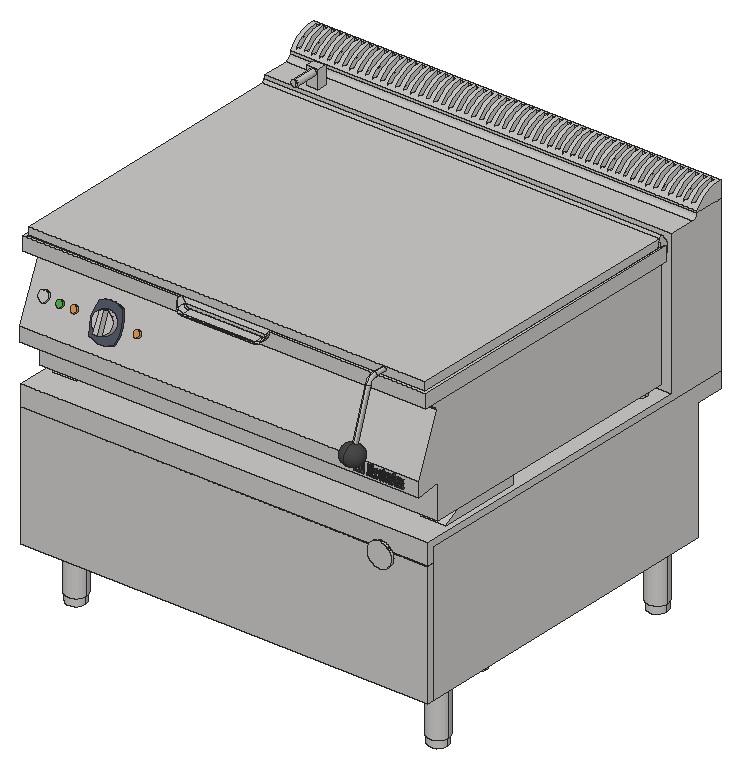
Revit family "QF_ELECTROLUXPROFESSIONAL_391595_E9PPCTBAMGD", category Attrezzature speciali, Revit 2018
Family settings
  Quota connettore circolare = Usa diametro
  Tipo di parte = Normale
  Basato su piano di lavoro = No
  Sempre verticale = Sì
  Taglio con vuoti quando caricato = No
  Condiviso = No
  Punto di calcolo locali = No
Parameters (values of type "Standard")
  Weight = 180.00 kg
  Watts = 100 W
  Volts = 220 V
  URL Manufacturer = "https://www.electroluxprofessional.com/"
  URL = "https://www.electroluxprofessional.com/"
  Steam Supply Size = 0"
  Steam Supply Minimum Pressure = 0.00 psi
  Steam Supply Maximum Pressure = 0.00 psi
  Steam Consumption per Hour = 0
  Show Logo [instance] = yes
  Show Clearance [instance] = yes
  Refrigeration Suction Line Size = 0 mm
  Refrigeration Liquid Line Size = 0 mm
  Refrigerant Compressor Remote = yes
  Phase = 1
  Modello = "E9PPCTBAMGD"
  Produttore = "Electrolux Professional"
  Length Actual = 1000 mm  # constant formula
  Item Number = "391595"
  Hot Water Size = 0"
  Height Actual = 850 mm  # constant formula
  HP = "0.1 HP"
  Gas Size = 1/2"
  Gas KW = 27
  Gas Input Pressure = 0.903445 Btu/h
  Direct Waste Size = 0"
  Descrizione = "100LT GAS BRATT PAN DUOMAT BOTTOM AUTO.TILTING-60HZ - QMARK"
  Depth Actual = 930 mm  # constant formula
  Cycle = 60 Hz
  Condensate Return Size = 0"
  Compressed Air Volume = 0 GPM
  Compressed Air Size = 0"
  Compressed Air Pressure = 0.00 psi
  Cold Water Size = 3/4"
  Assembly Code = ""
  Accessory = yes
Reference planes
  plane 1 "BACK": y = 0
  plane 2: z = 0
  plane 3 "LEFT": x = 0
  plane 4 "RIGHT": x = 1000
  plane 5 "FRONT": y = -915
  plane 6 "TOP": z = 908
  plane 7 "Center Y": x = 500
  plane 8 "Center X": y = -457.5
  plane 9 "Base": z = 149
  plane 10: z = 502.193
  plane 11: z = 1653
  plane 12: y = -125
  plane 13: y = -799
  plane 14: x = 55
  plane 15: y = -160.853
  plane 16: x = 945
  plane 17: y = -1014
  plane 18: y = -899.182
  plane 19: x = 986
  plane 20: z = 850
  plane 21 "Connection": z = 182
  plane 22: y = -706
  plane 23: x = 265
  plane 24: x = 105
  plane 25: x = 195
  plane 26 "FUME": z = 866.248
Forms (mm)
  Revolve 1, solid, material "QF_Finishes_Stainless Steel"
    sketch origin (0, -125, 0) x (1, 0, 0) y (0, 0, 1)
      loop
        line (55, 0) -> (55, 149) -> (29.6, 149) -> (29.6, 19.05) -> (32.1, 19.05) -> (32.1, 0) -> (55, 0)
      axis (55, 0) -> (55, 149)
    angle from 0 to 360
  Revolve 2, solid, material "QF_Finishes_Stainless Steel"
    sketch origin (0, -799, 0) x (1, 0, 0) y (0, 0, 1)
      loop
        line (55, 0) -> (55, 149) -> (29.6, 149) -> (29.6, 19.05) -> (32.1, 19.05) -> (32.1, 0) -> (55, 0)
      axis (55, 0) -> (55, 149)
    angle from 0 to 360
  Extrusion 3, solid, material "QF_Finishes_Stainless Steel"
    sketch origin (0, -214.682, 0) x (0, 1, 0) y (0, 0, 1)
      loop
        line (214.682, 487.193) -> (214.682, 866.248) -> (143.055, 866.248)
        arc (143.055, 866.248) -> (139.432, 857.502) -> (130.686, 853.88) r 12.368
        line (130.686, 853.88) -> (64.682, 853.88) -> (64.682, 502.193) -> (-684.5, 502.193) -> (-684.5, 452.193) -> (-669.5, 452.193) -> (-669.5, 487.193) -> (214.682, 487.193)
      loop
        line (-669.5, 149) -> (-669.5, 451.193) -> (-684.5, 451.193) -> (-684.5, 149) -> (-669.5, 149)
    from 0 to 1000
  Extrusion 4, solid, material "QF_Finishes_Stainless Steel"
    sketch origin (0, -214.682, 0) x (0, 1, 0) y (0, 0, 1)
      loop
        line (44.029, 528.406) -> (44.029, 817.127) -> (-678.5, 817.127) -> (-678.5, 809.681) -> (-643.264, 774.446) -> (-700.318, 641.094) -> (-700.318, 606.094) -> (-640.765, 613.406) -> (-640.765, 528.406) -> (44.029, 528.406)
    from 10 to 990
  Sweep 5, solid, material "QF_Finishes_Stainless Steel"
    path origin (0, -204.882, 145) x (-1, 0, 0) y (0, -1, 0)
      loop
        line (-389.998, 694.3) -> (-5, 694.3) -> (-5, -44.029) -> (-995, -44.029) -> (-995, 694.3) -> (-610.002, 694.3)
    profile origin (802.501, -899.182, 145) x (0, -1, 0) y (0, 0, 1)
      loop
        line (-5, 651.359) -> (0, 651.359) -> (0, 685.301) -> (-6, 685.301) -> (-6, 681.062) -> (-5, 681.062) -> (-5, 651.359)
  Extrusion 6, solid, material "QF_Finishes_Stainless Steel"
    sketch origin (0, -214.682, -5) x (0, 1, 0) y (0, 0, 1)
      loop
        line (33.715, 835.301) -> (42.572, 855) -> (-677.138, 855) -> (-677.138, 835.301) -> (33.715, 835.301)
      loop
        arc (64.305, 837.022) -> (57.071, 850.749) -> (45.92, 861.539) r 49.182
        line (45.92, 861.539) -> (39.069, 846.301) -> (45.904, 846.301) -> (45.904, 832.604) -> (64.305, 814.204) -> (64.305, 837.022)
    from 12.363 to 987.637
  Extrusion 7, solid, material "QF_Finishes_Stainless Steel"
    sketch origin (0, -214.682, 0) x (0, 1, 0) y (0, 0, 1)
      loop
        line (-403.818, 528.406) -> (-556.057, 528.406) -> (-609.801, 502.193) -> (-403.818, 502.193) -> (-403.818, 528.406)
    from 16.63 to 76.513
  Extrusion 8, solid, material "QF_Finishes_Stainless Steel"
    sketch origin (0, -207.182, 150) x (-1, 0, 0) y (0, -1, 0)
      loop
        circle (-953.429, -17.496) r 15
      loop
        circle (-46.571, -17.496) r 15
    from 352.193 to 378.406
  Extrusion 9, solid, material "QF_Finishes_Stainless Steel"
    sketch origin (0, -64.682, 0) x (0, 1, 0) y (0, 0, 1)
      loop
        line (-43.387, 853.88) -> (-43.387, 898) -> (-67.444, 898) -> (-67.444, 853.88) -> (-43.387, 853.88)
    from 87.469 to 116.843
  Revolve 10, solid, material "QF_Finishes_Stainless Steel"
    sketch origin (103.25, -64.682, -10) x (0, 1, 0) y (0, 0, 1)
      loop
        line (-67.444, 898.097) -> (-67.444, 906.222) -> (-123.629, 906.222) -> (-123.629, 898.097) -> (-67.444, 898.097)
      axis (-123.629, 898.097) -> (-67.444, 898.097)
    angle from 0 to 360
  Extrusion 11, solid, material "QF_Clearances", visible <- "Show Clearance", detail levels coarse
    sketch origin (0, -214.682, 0) x (1, 0, 0) y (0, 1, 0)
      loop
        line (1000, 214.682) -> (1000, -700.318) -> (1050, -700.318) -> (1050, 264.682) -> (-50, 264.682) -> (-50, -700.318) -> (0, -700.318) -> (0, 214.682) -> (1000, 214.682)
    from 0 to 908
  Extrusion 12, solid, material "QF_Finishes_Stainless Steel"
    sketch origin (1000, 0, 0) x (0, 1, 0) y (0, 0, 1)
      loop
        line (-884.182, 149) -> (-69, 149) -> (-69, 448) -> (0, 448) -> (0, 487.193) -> (-884.182, 487.193) -> (-884.182, 149)
    from 0 to -1000
  Revolve 13, solid, material "QF_Finishes_Stainless Steel"
    sketch origin (1000, -125, 0) x (-1, 0, 0) y (0, 0, -1)
      loop
        line (55, 0) -> (32.1, 0) -> (32.1, -19.05) -> (29.6, -19.05) -> (29.6, -149) -> (55, -149) -> (55, 0)
      axis (55, 0) -> (55, -149)
    angle from 0 to 360
  Revolve 14, solid, material "QF_Finishes_Stainless Steel"
    sketch origin (1000, -799, 0) x (-1, 0, 0) y (0, 0, -1)
      loop
        line (55, 0) -> (32.1, 0) -> (32.1, -19.05) -> (29.6, -19.05) -> (29.6, -149) -> (55, -149) -> (55, 0)
      axis (55, 0) -> (55, -149)
    angle from 0 to 360
  Extrusion 15, solid, material "QF_Finishes_Stainless Steel"
    sketch origin (1000, -69, 149) x (-1, 0, 0) y (0, 1, 0)
      loop
        circle (14, -649.182) r 12.7
    from 0 to 5
  Extrusion 16, solid, material "QF_Finishes_Stainless Steel"
    sketch origin (-3.75, -899.182, 149) x (0, 0, 1) y (-1, 0, 0)
      loop
        circle (289.443, -888.75) r 30
    from 0 to 5
  Extrusion 17, solid, material "QF_Finishes_Stainless Steel"
    sketch origin (0, 0, 182) x (-1, 0, 0) y (0, -1, 0)
      loop
        circle (-105, 706) r 6.35
    from 0 to 45
  Extrusion 18, solid, material "QF_Finishes_Stainless Steel"
    sketch origin (21.213, 21.213, 182) x (-1, 0, 0) y (0, -1, 0)
      loop
        circle (-173.787, 719.213) r 6.35
    from 0 to 45
  Extrusion 19, solid, material "QF_Finishes_Stainless Steel"
    sketch origin (130, 0, 182) x (-1, 0, 0) y (0, -1, 0)
      loop
        circle (-135, 706) r 6.35
    from 0 to 45
  Extrusion 20, solid, material "QF_Finishes_Orange"
    sketch origin (9.372, -901.482, 672.689) x (0, 0.393353, 0.919387) y (-1, 0, 0)
      loop
        circle (34.513, -113.251) r 8
    from 0 to 3.175
  Extrusion 21, solid, material "QF_Finishes_Green"
    sketch origin (14.068, -901.51, 672.624) x (0, 0.393353, 0.919387) y (-1, 0, 0)
      loop
        circle (34.513, -73.251) r 8
    from 0 to 3.175
  Extrusion 22, solid, material "QF_Finishes_Stainless Steel"
    sketch origin (-159.296, -918.156, 641.79) x (0, 0.393353, 0.919387) y (-1, 0, 0)
      loop
        circle (68.826, -362.213) r 25.4
    from 0 to 12.7
  Extrusion 23, solid, material "QF_Finishes_Stainless Steel"
    sketch origin (-159.296, -929.832, 646.786) x (0, 0.393353, 0.919387) y (-1, 0, 0)
      loop
        arc (93.558, -367.999) -> (94.226, -362.213) -> (93.558, -356.427) r 25.4
        line (93.558, -356.427) -> (44.094, -356.427)
        arc (44.094, -356.427) -> (43.426, -362.213) -> (44.094, -367.999) r 25.4
        line (44.094, -367.999) -> (93.558, -367.999)
    from 0 to 12.7
  Extrusion 24, solid, material "QF_Finishes_Stainless Steel"
    sketch origin (-189.063, -915, 641.094) x (0, 0.393353, 0.919387) y (-1, 0, 0)
      loop
        circle (71.473, -236.635) r 12.7
    from 0 to 3.2
  Extrusion 25, solid, material "QF_Finishes_Orange"
    sketch origin (164.372, -901.482, 672.689) x (0, 0.393353, 0.919387) y (-1, 0, 0)
      loop
        circle (34.513, -113.251) r 8
    from 0 to 3.175
  Extrusion 26, solid, material "QF_Finishes_Stainless Steel"
    sketch origin (50, -201.682, -15.905) x (1, 0, 0) y (0, 0, 1)
      loop
        line (361.528, 822.127) -> (538.476, 822.127)
        arc (538.476, 822.127) -> (548.276, 824.753) -> (555.45, 831.927) r 19.6
        line (555.45, 831.927) -> (559.998, 839.805) -> (559.998, 846.205) -> (552.678, 833.527)
        arc (552.678, 833.527) -> (546.676, 827.524) -> (538.476, 825.327) r 16.4
        line (538.476, 825.327) -> (361.528, 825.327)
        arc (361.528, 825.327) -> (353.322, 827.526) -> (347.314, 833.534) r 16.413
        line (347.314, 833.534) -> (339.998, 846.205) -> (339.998, 839.805) -> (344.543, 831.934)
        arc (344.543, 831.934) -> (351.722, 824.755) -> (361.528, 822.127) r 19.613
    from 697.5 to 717.595
  Extrusion 27, void
    sketch origin (950, 188.397, 1219.2) x (0, -1, 0) y (0, 0, 1)
      loop
        line (1110.167, -415.736) -> (1110.167, -387.945) -> (1093.05, -387.945) -> (1110.167, -415.736)
    from 290.004 to 610
  Extrusion 28, solid, material "QF_Finishes_Stainless Steel"
    sketch origin (1000, -214.682, 0) x (0, 1, 0) y (0, 0, -1)
      loop
        line (-403.818, -528.406) -> (-403.818, -502.193) -> (-609.801, -502.193) -> (-556.057, -528.406) -> (-403.818, -528.406)
    from 16.63 to 76.513
  Sweep 29, solid, material "QF_Finishes_Stainless Steel"
    path origin (208.879, -214.682, -10) x (0, 1, 0) y (0, 0, 1)
      loop
        line (-677.138, 852.831) -> (-705.492, 852.831)
        arc (-705.492, 852.831) -> (-716.963, 849.214) -> (-724.286, 839.672) r 20
        line (-724.286, 839.672) -> (-765.322, 726.924)
    profile origin (208.879, -905.997, 842.831) x (0, 0, -1) y (1, 0, 0)
      loop
        circle (0, 676.16) r 5
  Revolve 30, solid, material "QF_Finishes_Black"
    sketch origin (884.991, -194.682, 0) x (0, 1, 0) y (0, 0, 1)
      loop
        line (-785.322, 716.924) -> (-792.738, 719.623)
        arc (-792.738, 719.623) -> (-818.978, 701.075) -> (-800.713, 674.638) r 22.845
        line (-800.713, 674.638) -> (-785.322, 716.924)
      axis (-785.322, 716.924) -> (-800.713, 674.638)
    angle from 0 to 360
  Extrusion 31, solid, material "QF_Clearances", visible <- "Show Clearance", detail levels coarse
    sketch origin (200, -996.643, 709.193) x (0, 0.238373, -0.971174) y (0, 0.971174, 0.238373)
      loop
        line (33.715, 835.301) -> (42.572, 855) -> (-677.138, 855) -> (-677.138, 835.301) -> (33.715, 835.301)
      loop
        arc (64.305, 837.022) -> (57.071, 850.749) -> (45.92, 861.539) r 49.182
        line (45.92, 861.539) -> (39.069, 846.301) -> (45.904, 846.301) -> (45.904, 832.604) -> (64.305, 814.204) -> (64.305, 837.022)
    from -187.637 to 787.637
  Sweep 32, solid, material "QF_Clearances", visible <- "Show Clearance", detail levels coarse
    path origin (208.84, -1001.499, 708.002) x (0, 0.238373, -0.971174) y (0, 0.971174, 0.238373)
      loop
        line (-677.138, 852.831) -> (-705.492, 852.831)
        arc (-705.492, 852.831) -> (-716.963, 849.214) -> (-724.286, 839.672) r 20
        line (-724.286, 839.672) -> (-765.322, 726.924)
    profile origin (208.84, -338.043, 1582.68) x (0, -0.971174, -0.238373) y (1, 0, 0)
      loop
        circle (0, 676.16) r 5
  Revolve 33, solid, material "QF_Clearances", visible <- "Show Clearance", detail levels coarse
    sketch origin (885, -987.02, 690.962) x (0, 0.238373, -0.971174) y (0, 0.971174, 0.238373)
      loop
        line (-785.322, 716.924) -> (-792.738, 719.623)
        arc (-792.738, 719.623) -> (-818.978, 701.075) -> (-800.713, 674.638) r 22.845
        line (-800.713, 674.638) -> (-785.322, 716.924)
      axis (-785.322, 716.924) -> (-800.713, 674.638)
    angle from 0 to 360
  Extrusion 34, solid, material "QF_Finishes_Navy Blue"
    sketch origin (-55.546, -1052.067, 320.727) x (0, 0.393353, 0.919387) y (-1, 0, 0)
      loop
        arc (453.989, -230.321) -> (416.907, -221.34) -> (379.375, -228.202) r 91.844
        arc (379.375, -228.202) -> (372.249, -258.844) -> (379.375, -289.487) r 69.441
        arc (379.375, -289.487) -> (416.897, -296.198) -> (453.989, -287.419) r 93.759
        arc (453.989, -287.419) -> (460.218, -258.87) -> (453.989, -230.321) r 68.543
    from 0 to 3.175
  Extrusion 35, solid, material "QF_Finishes_Navy Blue", visible <- "Show Logo"
    sketch origin (681.175, -915, 608.853) x (0, 0, 1) y (-1, 0, 0)
      loop
        line (26.951, -165.54) -> (5.387, -165.54)
        arc (5.387, -165.54) -> (16.169, -173.512) -> (26.951, -165.54) r 11.278
      loop
        arc (26.951, -164.444) -> (24.913, -155.475) -> (16.794, -151.154) r 11.052
        line (16.794, -151.154) -> (16.794, -154.722)
        arc (16.794, -154.722) -> (19.381, -161.095) -> (25.39, -164.444) r 10.359
        line (25.39, -164.444) -> (26.951, -164.444)
      loop
        arc (6.948, -164.444) -> (12.957, -161.095) -> (15.544, -154.722) r 10.359
        line (15.544, -154.722) -> (15.544, -151.154)
        arc (15.544, -151.154) -> (7.358, -155.468) -> (5.11, -164.444) r 11.341
        line (5.11, -164.444) -> (6.948, -164.444)
      loop
        line (28.128, -150.336) -> (4.161, -150.336) -> (4.161, -174.336) -> (28.128, -174.336) -> (28.128, -150.336)
      loop
        spline (16.361, -188.464) -> (16.369, -188.263) -> (16.397, -188.049) -> (16.447, -187.828) -> (16.523, -187.605) -> (16.628, -187.386) -> (16.766, -187.177) -> (16.939, -186.985) -> (17.152, -186.814) -> (17.407, -186.671) -> (17.709, -186.562) -> (18.059, -186.492) -> (18.462, -186.467)
        line (18.462, -186.467) -> (20.251, -186.467) -> (20.251, -192.37) -> (22.531, -192.37) -> (22.531, -186.466) -> (25.85, -186.466) -> (25.85, -192.746) -> (28.124, -192.746) -> (28.124, -184.05) -> (18.566, -184.05)
        spline (18.566, -184.05) -> (17.978, -184.071) -> (17.424, -184.137) -> (16.905, -184.248) -> (16.424, -184.406) -> (15.983, -184.612) -> (15.583, -184.866) -> (15.226, -185.171) -> (14.914, -185.528) -> (14.649, -185.937) -> (14.434, -186.401) -> (14.269, -186.919) -> (14.157, -187.495)
        line (14.157, -187.495) -> (14.089, -188.444) -> (14.089, -192.915) -> (16.361, -192.915) -> (16.361, -188.464)
      loop
        line (21.492, -194.632) -> (14.086, -194.632) -> (14.086, -197.049) -> (28.128, -197.049) -> (28.128, -194.632) -> (21.492, -194.632)
      loop
        spline (18.571, -208.979) -> (19.331, -208.995) -> (20.067, -208.922) -> (20.77, -208.763) -> (21.436, -208.522) -> (22.055, -208.2) -> (22.623, -207.802) -> (23.132, -207.331) -> (23.576, -206.789) -> (23.947, -206.18) -> (24.24, -205.507) -> (24.447, -204.772) -> (24.561, -203.98)
        spline (24.561, -203.98) -> (24.517, -203.228) -> (24.388, -202.513) -> (24.178, -201.84) -> (23.889, -201.216) -> (23.524, -200.646) -> (23.088, -200.134) -> (22.582, -199.687) -> (22.011, -199.309) -> (21.378, -199.005) -> (20.686, -198.782) -> (19.937, -198.644) -> (19.137, -198.597)
        spline (19.137, -198.597) -> (18.356, -198.643) -> (17.626, -198.777) -> (16.949, -198.995) -> (16.331, -199.293) -> (15.772, -199.666) -> (15.278, -200.111) -> (14.851, -200.623) -> (14.494, -201.198) -> (14.211, -201.832) -> (14.005, -202.519) -> (13.878, -203.257) -> (13.836, -204.041)
        spline (13.836, -204.041) -> (13.845, -204.424) -> (13.874, -204.802) -> (13.924, -205.175) -> (13.997, -205.545) -> (14.096, -205.909) -> (14.223, -206.27) -> (14.378, -206.625) -> (14.564, -206.976) -> (14.783, -207.322) -> (15.037, -207.664) -> (15.328, -208) -> (15.657, -208.331)
        line (15.657, -208.331) -> (17.073, -206.874)
        spline (17.073, -206.874) -> (16.889, -206.682) -> (16.719, -206.489) -> (16.566, -206.293) -> (16.427, -206.093) -> (16.305, -205.887) -> (16.198, -205.673) -> (16.108, -205.449) -> (16.033, -205.213) -> (15.975, -204.965) -> (15.933, -204.701) -> (15.908, -204.421) -> (15.9, -204.122)
        spline (15.9, -204.122) -> (15.921, -203.685) -> (15.985, -203.275) -> (16.089, -202.893) -> (16.233, -202.542) -> (16.413, -202.224) -> (16.628, -201.939) -> (16.878, -201.691) -> (17.159, -201.479) -> (17.471, -201.308) -> (17.811, -201.177) -> (18.178, -201.089) -> (18.571, -201.046)
        line (18.571, -201.046) -> (18.571, -208.979)
      loop
        spline (20.271, -206.55) -> (20.57, -206.527) -> (20.857, -206.458) -> (21.131, -206.348) -> (21.387, -206.199) -> (21.624, -206.014) -> (21.839, -205.797) -> (22.028, -205.55) -> (22.189, -205.276) -> (22.32, -204.98) -> (22.416, -204.663) -> (22.476, -204.329) -> (22.497, -203.98)
        spline (22.497, -203.98) -> (22.476, -203.607) -> (22.417, -203.248) -> (22.322, -202.905) -> (22.194, -202.584) -> (22.034, -202.285) -> (21.847, -202.013) -> (21.633, -201.77) -> (21.396, -201.56) -> (21.139, -201.385) -> (20.864, -201.25) -> (20.574, -201.156) -> (20.271, -201.107)
        line (20.271, -201.107) -> (20.271, -206.55)
      loop
        spline (19.198, -212.675) -> (19.648, -212.703) -> (20.074, -212.784) -> (20.475, -212.915) -> (20.846, -213.093) -> (21.184, -213.314) -> (21.487, -213.576) -> (21.752, -213.875) -> (21.976, -214.207) -> (22.155, -214.571) -> (22.286, -214.961) -> (22.368, -215.376) -> (22.395, -215.812)
        spline (22.395, -215.812) -> (22.387, -216.079) -> (22.362, -216.336) -> (22.321, -216.581) -> (22.264, -216.816) -> (22.192, -217.042) -> (22.105, -217.259) -> (22.002, -217.467) -> (21.886, -217.668) -> (21.755, -217.861) -> (21.611, -218.047) -> (21.453, -218.228) -> (21.283, -218.402)
        line (21.283, -218.402) -> (22.841, -219.9)
        spline (22.841, -219.9) -> (23.139, -219.602) -> (23.407, -219.295) -> (23.645, -218.979) -> (23.855, -218.656) -> (24.037, -218.324) -> (24.192, -217.985) -> (24.32, -217.639) -> (24.424, -217.286) -> (24.503, -216.926) -> (24.558, -216.56) -> (24.591, -216.189) -> (24.601, -215.812)
        spline (24.601, -215.812) -> (24.555, -215.057) -> (24.418, -214.333) -> (24.195, -213.648) -> (23.893, -213.008) -> (23.516, -212.418) -> (23.068, -211.886) -> (22.556, -211.419) -> (21.984, -211.021) -> (21.357, -210.701) -> (20.681, -210.465) -> (19.959, -210.318) -> (19.198, -210.268)
        spline (19.198, -210.268) -> (18.437, -210.318) -> (17.716, -210.465) -> (17.039, -210.701) -> (16.412, -211.021) -> (15.84, -211.419) -> (15.328, -211.886) -> (14.881, -212.418) -> (14.503, -213.008) -> (14.201, -213.648) -> (13.979, -214.333) -> (13.842, -215.057) -> (13.795, -215.812)
        spline (13.795, -215.812) -> (13.806, -216.189) -> (13.838, -216.56) -> (13.894, -216.926) -> (13.973, -217.286) -> (14.076, -217.639) -> (14.205, -217.985) -> (14.36, -218.324) -> (14.542, -218.656) -> (14.751, -218.979) -> (14.99, -219.295) -> (15.257, -219.602) -> (15.556, -219.9)
        line (15.556, -219.9) -> (17.114, -218.402)
        spline (17.114, -218.402) -> (16.943, -218.228) -> (16.786, -218.047) -> (16.641, -217.861) -> (16.511, -217.668) -> (16.394, -217.467) -> (16.292, -217.259) -> (16.204, -217.042) -> (16.132, -216.816) -> (16.075, -216.581) -> (16.034, -216.336) -> (16.009, -216.079) -> (16.001, -215.812)
        spline (16.001, -215.812) -> (16.029, -215.376) -> (16.11, -214.961) -> (16.242, -214.571) -> (16.421, -214.207) -> (16.644, -213.875) -> (16.909, -213.576) -> (17.212, -213.314) -> (17.551, -213.093) -> (17.922, -212.915) -> (18.322, -212.784) -> (18.748, -212.703) -> (19.198, -212.675)
      loop
        spline (16.358, -226.063) -> (16.354, -225.85) -> (16.37, -225.622) -> (16.41, -225.384) -> (16.477, -225.143) -> (16.575, -224.905) -> (16.708, -224.675) -> (16.88, -224.461) -> (17.095, -224.267) -> (17.357, -224.1) -> (17.669, -223.965) -> (18.036, -223.87) -> (18.462, -223.819)
        line (18.462, -223.819) -> (22.044, -223.819) -> (22.044, -226.018) -> (24.24, -226.018) -> (24.24, -223.822) -> (28.128, -223.822) -> (28.128, -221.405) -> (18.325, -221.405)
        spline (18.325, -221.405) -> (17.756, -221.457) -> (17.221, -221.55) -> (16.722, -221.687) -> (16.26, -221.867) -> (15.838, -222.093) -> (15.456, -222.365) -> (15.118, -222.685) -> (14.824, -223.053) -> (14.577, -223.471) -> (14.378, -223.94) -> (14.229, -224.46) -> (14.132, -225.034)
        line (14.132, -225.034) -> (14.086, -226.054) -> (16.358, -226.063)
      loop
        spline (24.381, -234.197) -> (24.407, -233.778) -> (24.399, -233.376) -> (24.36, -232.99) -> (24.289, -232.622) -> (24.188, -232.273) -> (24.058, -231.943) -> (23.901, -231.635) -> (23.716, -231.349) -> (23.505, -231.087) -> (23.27, -230.849) -> (23.011, -230.636) -> (22.73, -230.45)
        line (22.73, -230.45) -> (24.24, -230.45) -> (24.24, -228.052) -> (14.086, -228.052) -> (14.086, -230.45) -> (19.425, -230.45)
        spline (19.425, -230.45) -> (19.83, -230.472) -> (20.207, -230.537) -> (20.555, -230.643) -> (20.873, -230.788) -> (21.159, -230.972) -> (21.412, -231.192) -> (21.63, -231.448) -> (21.811, -231.736) -> (21.955, -232.056) -> (22.059, -232.406) -> (22.123, -232.784) -> (22.145, -233.189)
        line (22.145, -233.189) -> (22.044, -234.197) -> (24.381, -234.197)
      loop
        spline (19.163, -245.648) -> (19.908, -245.597) -> (20.618, -245.45) -> (21.287, -245.212) -> (21.909, -244.892) -> (22.48, -244.494) -> (22.993, -244.026) -> (23.443, -243.494) -> (23.823, -242.904) -> (24.129, -242.265) -> (24.354, -241.581) -> (24.494, -240.86) -> (24.542, -240.108)
        spline (24.542, -240.108) -> (24.494, -239.351) -> (24.354, -238.627) -> (24.129, -237.941) -> (23.823, -237.301) -> (23.443, -236.712) -> (22.993, -236.181) -> (22.48, -235.714) -> (21.909, -235.318) -> (21.287, -234.999) -> (20.618, -234.763) -> (19.908, -234.617) -> (19.163, -234.567)
        spline (19.163, -234.567) -> (18.418, -234.617) -> (17.708, -234.763) -> (17.039, -234.999) -> (16.417, -235.318) -> (15.846, -235.714) -> (15.333, -236.181) -> (14.883, -236.712) -> (14.502, -237.301) -> (14.197, -237.941) -> (13.971, -238.627) -> (13.831, -239.351) -> (13.784, -240.108)
        spline (13.784, -240.108) -> (13.831, -240.86) -> (13.971, -241.581) -> (14.197, -242.265) -> (14.502, -242.904) -> (14.883, -243.494) -> (15.333, -244.026) -> (15.846, -244.494) -> (16.417, -244.892) -> (17.039, -245.212) -> (17.708, -245.45) -> (18.418, -245.597) -> (19.163, -245.648)
      loop
        spline (19.163, -243.25) -> (19.602, -243.222) -> (20.021, -243.14) -> (20.417, -243.008) -> (20.785, -242.829) -> (21.123, -242.606) -> (21.427, -242.344) -> (21.693, -242.044) -> (21.919, -241.71) -> (22.101, -241.347) -> (22.235, -240.956) -> (22.318, -240.542) -> (22.346, -240.108)
        spline (22.346, -240.108) -> (22.318, -239.669) -> (22.235, -239.252) -> (22.101, -238.86) -> (21.919, -238.496) -> (21.693, -238.163) -> (21.427, -237.864) -> (21.123, -237.602) -> (20.785, -237.381) -> (20.417, -237.204) -> (20.021, -237.073) -> (19.602, -236.993) -> (19.163, -236.965)
        spline (19.163, -236.965) -> (18.723, -236.993) -> (18.304, -237.073) -> (17.909, -237.204) -> (17.541, -237.381) -> (17.203, -237.602) -> (16.899, -237.864) -> (16.632, -238.163) -> (16.406, -238.496) -> (16.225, -238.86) -> (16.091, -239.252) -> (16.008, -239.669) -> (15.979, -240.108)
        spline (15.979, -240.108) -> (16.008, -240.542) -> (16.091, -240.956) -> (16.225, -241.347) -> (16.406, -241.71) -> (16.632, -242.044) -> (16.899, -242.344) -> (17.203, -242.606) -> (17.541, -242.829) -> (17.909, -243.008) -> (18.304, -243.14) -> (18.723, -243.222) -> (19.163, -243.25)
      loop
        line (21.735, -247.134) -> (14.086, -247.134) -> (14.086, -249.553) -> (28.128, -249.553) -> (28.128, -247.134) -> (21.735, -247.134)
      loop
        line (24.24, -258.272) -> (18.337, -258.272)
        spline (18.337, -258.272) -> (17.953, -258.252) -> (17.607, -258.196) -> (17.298, -258.104) -> (17.025, -257.979) -> (16.788, -257.824) -> (16.584, -257.639) -> (16.415, -257.429) -> (16.277, -257.194) -> (16.172, -256.937) -> (16.098, -256.66) -> (16.054, -256.365) -> (16.04, -256.055)
        spline (16.04, -256.055) -> (16.054, -255.745) -> (16.098, -255.45) -> (16.172, -255.173) -> (16.277, -254.916) -> (16.413, -254.682) -> (16.582, -254.471) -> (16.784, -254.287) -> (17.019, -254.132) -> (17.29, -254.007) -> (17.595, -253.915) -> (17.937, -253.859) -> (18.316, -253.839)
        line (18.316, -253.839) -> (24.24, -253.839) -> (24.24, -251.401) -> (18.115, -251.401)
        spline (18.115, -251.401) -> (17.421, -251.445) -> (16.79, -251.57) -> (16.22, -251.771) -> (15.713, -252.043) -> (15.267, -252.379) -> (14.881, -252.774) -> (14.556, -253.221) -> (14.292, -253.715) -> (14.086, -254.249) -> (13.94, -254.818) -> (13.853, -255.415) -> (13.824, -256.035)
        spline (13.824, -256.035) -> (13.853, -256.661) -> (13.942, -257.263) -> (14.09, -257.836) -> (14.298, -258.375) -> (14.567, -258.873) -> (14.896, -259.324) -> (15.287, -259.722) -> (15.74, -260.061) -> (16.254, -260.335) -> (16.832, -260.538) -> (17.472, -260.665) -> (18.176, -260.708)
        line (18.176, -260.708) -> (24.24, -260.708) -> (24.24, -258.272)
      loop
        line (17.333, -269.856) -> (19.465, -268.331) -> (22.037, -270.219) -> (24.239, -271.836) -> (24.239, -269.197) -> (21.197, -267) -> (24.239, -264.785) -> (24.239, -262.166) -> (22.185, -263.668) -> (19.445, -265.671) -> (16.52, -263.571) -> (14.086, -261.823) -> (14.086, -264.422) -> (17.672, -267) -> (14.086, -269.579) -> (14.086, -272.178) -> (17.333, -269.856)
      loop
        line (9.015, -185.409) -> (9.015, -183.539) -> (4.161, -183.539) -> (4.161, -184.537) -> (5.806, -184.537) -> (5.806, -185.409)
        arc (5.806, -185.409) -> (7.41, -187.014) -> (9.015, -185.409) r 1.605
      loop
        arc (6.731, -185.476) -> (7.41, -186.056) -> (8.089, -185.476) r 0.687
        line (8.089, -185.476) -> (8.089, -184.537) -> (6.731, -184.537) -> (6.731, -185.476)
      loop
        line (9.015, -193.025) -> (9.015, -191.122) -> (4.161, -191.122) -> (4.161, -192.12) -> (5.833, -192.12) -> (5.833, -192.986) -> (4.161, -193.838) -> (4.161, -194.971) -> (6.078, -193.806)
        arc (6.078, -193.806) -> (6.645, -194.415) -> (7.45, -194.627) r 1.499
        arc (7.45, -194.627) -> (8.559, -194.145) -> (9.015, -193.025) r 1.602
      loop
        line (8.097, -193.005) -> (8.097, -192.12) -> (6.743, -192.12) -> (6.743, -193.005)
        arc (6.743, -193.005) -> (7.42, -193.556) -> (8.097, -193.005) r 0.691
      loop
        circle (6.588, -201.168) r 2.521
      loop
        circle (6.588, -201.168) r 1.6
      loop
        line (9.015, -207.864) -> (4.161, -207.864) -> (4.161, -208.862) -> (6.156, -208.862) -> (6.156, -210.689) -> (7.073, -210.689) -> (7.073, -208.862) -> (8.098, -208.862) -> (8.098, -210.864) -> (9.015, -210.864) -> (9.015, -207.864)
      loop
        line (9.015, -214.982) -> (5.735, -214.982)
        arc (5.735, -214.982) -> (4.623, -215.429) -> (4.161, -216.535) r 1.554
        line (4.161, -216.535) -> (4.161, -218.103) -> (5.078, -218.103) -> (5.078, -216.944)
        arc (5.078, -216.944) -> (5.427, -216.196) -> (6.223, -215.98) r 0.979
        line (6.223, -215.98) -> (6.223, -217.921) -> (7.141, -217.921) -> (7.141, -215.98) -> (8.098, -215.98) -> (8.098, -218.056) -> (9.015, -218.056) -> (9.015, -214.982)
      loop
        line (7.742, -224.632) -> (8.234, -225.349)
        arc (8.234, -225.349) -> (8.882, -224.684) -> (9.095, -223.78) r 1.738
        arc (9.095, -223.78) -> (8.894, -222.994) -> (8.386, -222.36) r 1.926
        arc (8.386, -222.36) -> (7.749, -222.275) -> (7.12, -222.404) r 1.936
        arc (7.12, -222.404) -> (6.653, -222.836) -> (6.356, -223.4) r 1.881
        arc (6.356, -223.4) -> (6.185, -223.835) -> (5.972, -224.252) r 4.917
        arc (5.972, -224.252) -> (5.357, -224.498) -> (4.996, -223.943) r 0.523
        arc (4.996, -223.943) -> (5.232, -223.24) -> (5.739, -222.7) r 1.738
        line (5.739, -222.7) -> (5.26, -221.938)
        arc (5.26, -221.938) -> (4.761, -222.24) -> (4.38, -222.681) r 1.867
        arc (4.38, -222.681) -> (4.141, -223.241) -> (4.08, -223.846) r 2.013
        arc (4.08, -223.846) -> (4.229, -224.594) -> (4.587, -225.268) r 2.629
        arc (4.587, -225.268) -> (5.379, -225.566) -> (6.211, -225.413) r 1.579
        arc (6.211, -225.413) -> (6.594, -225.08) -> (6.872, -224.656) r 1.83
        arc (6.872, -224.656) -> (7.111, -224.119) -> (7.318, -223.568) r 9.64
        arc (7.318, -223.568) -> (7.812, -223.25) -> (8.179, -223.71) r 0.439
        arc (8.179, -223.71) -> (8.066, -224.221) -> (7.742, -224.632) r 1.168
      loop
        line (9.015, -237.028) -> (4.161, -237.028) -> (4.161, -238.027) -> (9.015, -238.027) -> (9.015, -237.028)
      loop
        circle (6.588, -244.756) r 1.51
      loop
        circle (6.588, -244.756) r 2.521
      loop
        line (4.161, -251.452) -> (4.161, -252.461) -> (7.213, -252.461) -> (4.161, -254.682) -> (4.161, -255.652) -> (9.015, -255.652) -> (9.015, -254.644) -> (5.87, -254.644) -> (9.015, -252.423) -> (9.015, -251.452) -> (4.161, -251.452)
      loop
        line (4.161, -260.684) -> (5.208, -261.157) -> (5.208, -262.953) -> (4.161, -263.425) -> (4.161, -264.498) -> (9.015, -262.025) -> (4.161, -259.613) -> (4.161, -260.684)
      loop
        line (7.2, -262.055) -> (6.204, -261.605) -> (6.204, -262.505) -> (7.2, -262.055)
      loop
        line (5.078, -269.456) -> (9.015, -269.456) -> (9.015, -268.457) -> (4.161, -268.457) -> (4.161, -271.322) -> (5.078, -271.322) -> (5.078, -269.456)
      loop
        line (7.742, -231.965) -> (8.234, -232.682)
        arc (8.234, -232.682) -> (8.882, -232.017) -> (9.095, -231.114) r 1.738
        arc (9.095, -231.114) -> (8.894, -230.327) -> (8.386, -229.693) r 1.926
        arc (8.386, -229.693) -> (7.749, -229.609) -> (7.12, -229.737) r 1.936
        arc (7.12, -229.737) -> (6.653, -230.169) -> (6.356, -230.733) r 1.881
        arc (6.356, -230.733) -> (6.185, -231.168) -> (5.972, -231.586) r 4.917
        arc (5.972, -231.586) -> (5.357, -231.831) -> (4.996, -231.276) r 0.523
        arc (4.996, -231.276) -> (5.232, -230.573) -> (5.739, -230.033) r 1.738
        line (5.739, -230.033) -> (5.26, -229.271)
        arc (5.26, -229.271) -> (4.761, -229.573) -> (4.38, -230.015) r 1.867
        arc (4.38, -230.015) -> (4.141, -230.574) -> (4.08, -231.179) r 2.013
        arc (4.08, -231.179) -> (4.229, -231.928) -> (4.587, -232.602) r 2.629
        arc (4.587, -232.602) -> (5.379, -232.899) -> (6.211, -232.746) r 1.579
        arc (6.211, -232.746) -> (6.594, -232.414) -> (6.872, -231.989) r 1.83
        arc (6.872, -231.989) -> (7.111, -231.452) -> (7.318, -230.901) r 9.64
        arc (7.318, -230.901) -> (7.812, -230.583) -> (8.179, -231.043) r 0.439
        arc (8.179, -231.043) -> (8.066, -231.554) -> (7.742, -231.965) r 1.168
    from 0 to 1.644
  Extrusion 36, solid, material "QF_Finishes_Stainless Steel"
    sketch origin (390.002, -899.182, 830.301) x (-1, 0, 0) y (0, 0, -1)
      loop
        line (0.004, 33.941) -> (-220, 33.941) -> (-220, -0.006) -> (-212.677, 12.678)
        arc (-212.677, 12.678) -> (-206.674, 18.681) -> (-198.474, 20.878) r 16.4
        line (-198.474, 20.878) -> (-21.526, 20.878)
        arc (-21.526, 20.878) -> (-13.32, 18.679) -> (-7.312, 12.672) r 16.413
        line (-7.312, 12.672) -> (0.004, 0) -> (0.004, 33.941)
    from 0 to -6
  Extrusion 37, void
    sketch origin (26.231, 0, 866.248) x (-1, 0, 0) y (0, -1, 0)
      loop
        line (-292.195, 6.761) -> (-282.899, 6.761) -> (-282.899, 63.911) -> (-292.195, 63.911) -> (-292.195, 6.761)
      loop
        line (-310.888, 6.761) -> (-301.592, 6.761) -> (-301.592, 63.911) -> (-310.888, 63.911) -> (-310.888, 6.761)
      loop
        line (-329.58, 6.761) -> (-320.285, 6.761) -> (-320.285, 63.911) -> (-329.58, 63.911) -> (-329.58, 6.761)
      loop
        line (-348.273, 6.761) -> (-338.977, 6.761) -> (-338.977, 63.911) -> (-348.273, 63.911) -> (-348.273, 6.761)
      loop
        line (-366.966, 6.761) -> (-357.67, 6.761) -> (-357.67, 63.911) -> (-366.966, 63.911) -> (-366.966, 6.761)
      loop
        line (-385.658, 6.761) -> (-376.363, 6.761) -> (-376.363, 63.911) -> (-385.658, 63.911) -> (-385.658, 6.761)
      loop
        line (-404.351, 6.761) -> (-395.055, 6.761) -> (-395.055, 63.911) -> (-404.351, 63.911) -> (-404.351, 6.761)
      loop
        line (-423.043, 6.761) -> (-413.748, 6.761) -> (-413.748, 63.911) -> (-423.043, 63.911) -> (-423.043, 6.761)
      loop
        line (-441.736, 6.761) -> (-432.44, 6.761) -> (-432.44, 63.911) -> (-441.736, 63.911) -> (-441.736, 6.761)
      loop
        line (-460.429, 6.761) -> (-451.133, 6.761) -> (-451.133, 63.911) -> (-460.429, 63.911) -> (-460.429, 6.761)
      loop
        line (-479.121, 6.761) -> (-469.826, 6.761) -> (-469.826, 63.911) -> (-479.121, 63.911) -> (-479.121, 6.761)
      loop
        line (-497.814, 6.761) -> (-488.518, 6.761) -> (-488.518, 63.911) -> (-497.814, 63.911) -> (-497.814, 6.761)
      loop
        line (-516.507, 6.761) -> (-507.211, 6.761) -> (-507.211, 63.911) -> (-516.507, 63.911) -> (-516.507, 6.761)
      loop
        line (-535.199, 6.761) -> (-525.903, 6.761) -> (-525.903, 63.911) -> (-535.199, 63.911) -> (-535.199, 6.761)
      loop
        line (-553.892, 6.761) -> (-544.596, 6.761) -> (-544.596, 63.911) -> (-553.892, 63.911) -> (-553.892, 6.761)
      loop
        line (-572.584, 6.761) -> (-563.289, 6.761) -> (-563.289, 63.911) -> (-572.584, 63.911) -> (-572.584, 6.761)
      loop
        line (-591.277, 6.761) -> (-581.981, 6.761) -> (-581.981, 63.911) -> (-591.277, 63.911) -> (-591.277, 6.761)
      loop
        line (-609.97, 6.761) -> (-600.674, 6.761) -> (-600.674, 63.911) -> (-609.97, 63.911) -> (-609.97, 6.761)
      loop
        line (-628.662, 6.761) -> (-619.366, 6.761) -> (-619.366, 63.911) -> (-628.662, 63.911) -> (-628.662, 6.761)
      loop
        line (-647.355, 6.761) -> (-638.059, 6.761) -> (-638.059, 63.911) -> (-647.355, 63.911) -> (-647.355, 6.761)
      loop
        line (-123.962, 6.761) -> (-114.666, 6.761) -> (-114.666, 63.911) -> (-123.962, 63.911) -> (-123.962, 6.761)
      loop
        line (-142.654, 6.761) -> (-133.359, 6.761) -> (-133.359, 63.911) -> (-142.654, 63.911) -> (-142.654, 6.761)
      loop
        line (-161.347, 6.761) -> (-152.051, 6.761) -> (-152.051, 63.911) -> (-161.347, 63.911) -> (-161.347, 6.761)
      loop
        line (-180.04, 6.761) -> (-170.744, 6.761) -> (-170.744, 63.911) -> (-180.04, 63.911) -> (-180.04, 6.761)
      loop
        line (-198.732, 6.761) -> (-189.436, 6.761) -> (-189.436, 63.911) -> (-198.732, 63.911) -> (-198.732, 6.761)
      loop
        line (-217.425, 6.761) -> (-208.129, 6.761) -> (-208.129, 63.911) -> (-217.425, 63.911) -> (-217.425, 6.761)
      loop
        line (-236.117, 6.761) -> (-226.822, 6.761) -> (-226.822, 63.911) -> (-236.117, 63.911) -> (-236.117, 6.761)
      loop
        line (-254.81, 6.761) -> (-245.514, 6.761) -> (-245.514, 63.911) -> (-254.81, 63.911) -> (-254.81, 6.761)
      loop
        line (-273.503, 6.761) -> (-264.207, 6.761) -> (-264.207, 63.911) -> (-273.503, 63.911) -> (-273.503, 6.761)
      loop
        line (-105.269, 6.761) -> (-95.973, 6.761) -> (-95.973, 63.911) -> (-105.269, 63.911) -> (-105.269, 6.761)
      loop
        line (6.887, 6.761) -> (16.182, 6.761) -> (16.182, 63.911) -> (6.887, 63.911) -> (6.887, 6.761)
      loop
        line (-11.806, 6.761) -> (-2.51, 6.761) -> (-2.51, 63.911) -> (-11.806, 63.911) -> (-11.806, 6.761)
      loop
        line (-30.499, 6.761) -> (-21.203, 6.761) -> (-21.203, 63.911) -> (-30.499, 63.911) -> (-30.499, 6.761)
      loop
        line (-49.191, 6.761) -> (-39.896, 6.761) -> (-39.896, 63.911) -> (-49.191, 63.911) -> (-49.191, 6.761)
      loop
        line (-67.884, 6.761) -> (-58.588, 6.761) -> (-58.588, 63.911) -> (-67.884, 63.911) -> (-67.884, 6.761)
      loop
        line (-86.577, 6.761) -> (-77.281, 6.761) -> (-77.281, 63.911) -> (-86.577, 63.911) -> (-86.577, 6.761)
      loop
        line (-666.047, 6.761) -> (-656.752, 6.761) -> (-656.752, 63.911) -> (-666.047, 63.911) -> (-666.047, 6.761)
      loop
        line (-684.74, 6.761) -> (-675.444, 6.761) -> (-675.444, 63.911) -> (-684.74, 63.911) -> (-684.74, 6.761)
      loop
        line (-703.433, 6.761) -> (-694.137, 6.761) -> (-694.137, 63.911) -> (-703.433, 63.911) -> (-703.433, 6.761)
      loop
        line (-722.125, 6.761) -> (-712.829, 6.761) -> (-712.829, 63.911) -> (-722.125, 63.911) -> (-722.125, 6.761)
      loop
        line (-740.818, 6.761) -> (-731.522, 6.761) -> (-731.522, 63.911) -> (-740.818, 63.911) -> (-740.818, 6.761)
      loop
        line (-748.807, 6.761) -> (-748.807, 63.911) -> (-758.103, 63.911) -> (-758.103, 6.761) -> (-748.807, 6.761)
      loop
        line (-776.795, 6.761) -> (-767.499, 6.761) -> (-767.499, 63.911) -> (-776.795, 63.911) -> (-776.795, 6.761)
      loop
        line (-795.488, 6.761) -> (-786.192, 6.761) -> (-786.192, 63.911) -> (-795.488, 63.911) -> (-795.488, 6.761)
      loop
        line (-814.18, 6.761) -> (-804.885, 6.761) -> (-804.885, 63.911) -> (-814.18, 63.911) -> (-814.18, 6.761)
      loop
        line (-832.873, 6.761) -> (-823.577, 6.761) -> (-823.577, 63.911) -> (-832.873, 63.911) -> (-832.873, 6.761)
      loop
        line (-851.566, 6.761) -> (-842.27, 6.761) -> (-842.27, 63.911) -> (-851.566, 63.911) -> (-851.566, 6.761)
      loop
        line (-870.258, 6.761) -> (-860.962, 6.761) -> (-860.962, 63.911) -> (-870.258, 63.911) -> (-870.258, 6.761)
      loop
        line (-888.951, 6.761) -> (-879.655, 6.761) -> (-879.655, 63.911) -> (-888.951, 63.911) -> (-888.951, 6.761)
      loop
        line (-907.643, 6.761) -> (-898.348, 6.761) -> (-898.348, 63.911) -> (-907.643, 63.911) -> (-907.643, 6.761)
      loop
        line (-926.336, 6.761) -> (-917.04, 6.761) -> (-917.04, 63.911) -> (-926.336, 63.911) -> (-926.336, 6.761)
      loop
        line (-945.029, 6.761) -> (-935.733, 6.761) -> (-935.733, 63.911) -> (-945.029, 63.911) -> (-945.029, 6.761)
      loop
        line (-963.721, 6.761) -> (-954.425, 6.761) -> (-954.425, 63.911) -> (-963.721, 63.911) -> (-963.721, 6.761)
    from 9.525 to 45.348
  Extrusion 38, solid, material "QF_Finishes_Stainless Steel"
    sketch origin (-108.759, 0, 591.61) x (0, 1, 0) y (0, 0, 1)
      loop
        line (0, 274.638) -> (0, 316.35)
        arc (0, 316.35) -> (-40.437, 307.046) -> (-71.628, 279.681) r 84.854
        line (-71.628, 279.681) -> (-71.628, 274.638) -> (0, 274.638)
    from 108.759 to 1108.759
Cuts and joins
  Extrusion 27 cuts Extrusion 26
  joined: Sweep 5, Extrusion 26, Extrusion 36
  Extrusion 37 cuts Extrusion 38
Lines and regions (mm)
  symbolic lines
    curve 1: line (10, -915, 149) -> (197.131, -915, 149)
    curve 2: line (0, -899.182, 149) -> (380.622, -899.182, 149)
    curve 3: line (5, -160.853, 149) -> (5, -899.182, 149)
    curve 4: line (0, 0, 149) -> (0, -899.182, 149)
    curve 5: line (1000, -899.182, 149) -> (1000, 0, 149)
    curve 6: line (5, -160.853, 149) -> (95.125, -160.853, 149)
    curve 7: line (989, -171.653, 149) -> (111.375, -171.653, 149)
    curve 8: line (0, -71.628, 149) -> (1000, -71.628, 149)
    curve 9: line (111.375, -160.853, 149) -> (995, -160.853, 149)
    curve 10: line (95.125, -172.111, 149) -> (12.363, -172.111, 149)
    curve 11: line (90.942, -172.111, 149) -> (90.942, -192.672, 149)
    curve 12: line (117.192, -171.653, 149) -> (117.192, -192.672, 149)
    curve 13: arc (90.942, -192.672, 149) -> (104.067, -205.797, 149) -> (117.192, -192.672, 149) r 13.125
    curve 14: line (604.543, -915, 149) -> (880, -915, 149)
    curve 15: line (12.363, -891.82, 149) -> (987.637, -891.82, 149)
    curve 16: line (0, 0, 149) -> (1000, 0, 149)
    curve 20: line (880, -980.005, 149) -> (880, -891.82, 149)
    curve 21: line (890, -980.005, 149) -> (890, -891.82, 149)
    curve 22: spline (885, -987.42, 149) -> (886.603, -987.265, 149) -> (888.14, -986.808, 149) -> (889.545, -986.066, 149) -> (890.761, -985.072, 149) -> (891.737, -983.866, 149) -> (892.431, -982.499, 149) -> (892.815, -981.028, 149) -> (892.874, -979.515, 149) -> (892.604, -978.022, 149) -> (892.016, -976.611, 149) -> (891.136, -975.342, 149) -> (890, -974.268, 149)
    curve 23: spline (890, -980.005, 149) -> (889.957, -980.618, 149) -> (889.83, -981.221, 149) -> (889.619, -981.803, 149) -> (889.33, -982.354, 149) -> (888.967, -982.865, 149) -> (888.536, -983.327, 149) -> (888.044, -983.732, 149) -> (887.5, -984.074, 149) -> (886.913, -984.345, 149) -> (886.294, -984.543, 149) -> (885.653, -984.663, 149) -> (885, -984.703, 149)
    curve 24: spline (885, -984.703, 149) -> (884.347, -984.663, 149) -> (883.706, -984.543, 149) -> (883.087, -984.345, 149) -> (882.5, -984.074, 149) -> (881.956, -983.732, 149) -> (881.464, -983.327, 149) -> (881.033, -982.865, 149) -> (880.67, -982.354, 149) -> (880.381, -981.803, 149) -> (880.17, -981.221, 149) -> (880.043, -980.618, 149) -> (880, -980.005, 149)
    curve 25: spline (880, -974.268, 149) -> (878.864, -975.342, 149) -> (877.984, -976.611, 149) -> (877.396, -978.022, 149) -> (877.126, -979.515, 149) -> (877.185, -981.028, 149) -> (877.569, -982.499, 149) -> (878.263, -983.866, 149) -> (879.239, -985.072, 149) -> (880.455, -986.066, 149) -> (881.86, -986.808, 149) -> (883.397, -987.265, 149) -> (885, -987.42, 149)
    curve 26: line (95.125, -188.311, 149) -> (111.375, -188.311, 149)
    curve 27: line (95.125, -132.127, 149) -> (95.125, -188.311, 149)
    curve 28: line (111.375, -188.311, 149) -> (111.375, -132.127, 149)
    curve 29: line (87.469, -132.127, 149) -> (116.843, -132.127, 149)
    curve 30: line (87.469, -108.069, 149) -> (87.469, -132.127, 149)
    curve 31: line (116.843, -108.069, 149) -> (87.469, -108.069, 149)
    curve 32: line (116.843, -132.127, 149) -> (116.843, -108.069, 149)
    curve 33: line (0, -150, 182) -> (95.125, -150, 182)
    curve 34: line (1000, -150, 182) -> (111.375, -150, 182)
    curve 35: line (12.363, -891.82, 149) -> (12.363, -172.111, 149)
    curve 36: line (987.637, -891.82, 149) -> (987.637, -171.653, 149)
    curve 37: line (990, -915, 182) -> (990, -899.182, 182)
    curve 38: line (10, -899.182, 182) -> (10, -915, 182)
    curve 39: line (995, -160.853, 149) -> (995, -899.182, 149)
    curve 40: line (197.131, -924.708, 149) -> (197.131, -899.182, 149)
    curve 41: line (208.703, -924.708, 149) -> (208.703, -899.182, 149)
    curve 42: line (197.131, -924.708, 149) -> (208.703, -924.708, 149)
    curve 43: line (197.131, -915.021, 149) -> (180.061, -915.021, 149)
    curve 44: line (197.131, -915.021, 149) -> (25.774, -915.021, 149)
    curve 45: spline (208.703, -912.487, 182) -> (212.151, -912.066, 182) -> (215.413, -911.457, 182) -> (218.422, -910.673, 182) -> (221.118, -909.728, 182) -> (223.446, -908.643, 182) -> (225.359, -907.438, 182) -> (226.819, -906.14, 182) -> (227.796, -904.772, 182) -> (228.27, -903.365, 182) -> (228.233, -901.945, 182) -> (227.683, -900.541, 182) -> (226.634, -899.182, 182)
    curve 46: spline (225.812, -907.085, 182) -> (226.505, -906.99, 182) -> (227.196, -906.892, 182) -> (227.884, -906.792, 182) -> (228.569, -906.688, 182) -> (229.251, -906.581, 182) -> (229.93, -906.472, 182) -> (230.606, -906.36, 182) -> (231.28, -906.245, 182) -> (231.95, -906.127, 182) -> (232.617, -906.007, 182) -> (233.28, -905.884, 182) -> (233.941, -905.758, 182)
    curve 47: spline (233.941, -905.758, 182) -> (234.472, -905.225, 182) -> (234.983, -904.689, 182) -> (235.472, -904.15, 182) -> (235.94, -903.608, 182) -> (236.386, -903.063, 182) -> (236.811, -902.515, 182) -> (237.215, -901.965, 182) -> (237.596, -901.413, 182) -> (237.956, -900.858, 182) -> (238.294, -900.302, 182) -> (238.609, -899.743, 182) -> (238.903, -899.182, 182)
    curve 48: spline (197.131, -912.487, 182) -> (193.683, -912.066, 182) -> (190.421, -911.457, 182) -> (187.412, -910.673, 182) -> (184.717, -909.728, 182) -> (182.389, -908.643, 182) -> (180.475, -907.438, 182) -> (179.015, -906.14, 182) -> (178.038, -904.772, 182) -> (177.564, -903.365, 182) -> (177.602, -901.945, 182) -> (178.151, -900.541, 182) -> (179.201, -899.182, 182)
    curve 49: spline (167.58, -899.182, 182) -> (167.88, -899.743, 182) -> (168.203, -900.303, 182) -> (168.549, -900.86, 182) -> (168.917, -901.415, 182) -> (169.307, -901.967, 182) -> (169.72, -902.517, 182) -> (170.154, -903.065, 182) -> (170.611, -903.61, 182) -> (171.09, -904.151, 182) -> (171.59, -904.69, 182) -> (172.112, -905.225, 182) -> (172.656, -905.758, 182)
    curve 50: spline (172.656, -905.758, 182) -> (173.244, -905.87, 182) -> (173.834, -905.98, 182) -> (174.427, -906.088, 182) -> (175.022, -906.194, 182) -> (175.62, -906.297, 182) -> (176.22, -906.398, 182) -> (176.823, -906.498, 182) -> (177.428, -906.594, 182) -> (178.036, -906.689, 182) -> (178.645, -906.781, 182) -> (179.257, -906.871, 182) -> (179.871, -906.959, 182)
    curve 51: line (208.703, -915, 149) -> (395.45, -915, 149)
    curve 52: line (619.371, -899.182, 149) -> (880, -899.182, 149)
    curve 53: line (890, -899.182, 149) -> (1000, -899.182, 149)
    curve 54: line (890, -915, 149) -> (990, -915, 149)
    curve 55: arc (880, -961.394, 182) -> (884.914, -1014.03, 182) -> (890, -961.41, 182) r 26.552
    curve 56: line (619.371, -899.182, 182) -> (605.448, -914.035, 182)
    curve 57: spline (605.442, -914.033, 182) -> (604.902, -914.595, 182) -> (604.301, -915.14, 182) -> (603.641, -915.666, 182) -> (602.924, -916.17, 182) -> (602.153, -916.653, 182) -> (601.331, -917.111, 182) -> (600.459, -917.544, 182) -> (599.542, -917.95, 182) -> (598.582, -918.327, 182) -> (597.581, -918.675, 182) -> (596.544, -918.992, 182) -> (595.475, -919.277, 182)
    curve 58: line (404.523, -919.277, 182) -> (595.475, -919.277, 182)
    curve 59: line (394.541, -914.031, 182) -> (380.622, -899.182, 182)
    curve 60: spline (404.523, -919.277, 182) -> (403.452, -918.992, 182) -> (402.414, -918.675, 182) -> (401.413, -918.327, 182) -> (400.452, -917.949, 182) -> (399.534, -917.543, 182) -> (398.662, -917.11, 182) -> (397.838, -916.651, 182) -> (397.067, -916.168, 182) -> (396.35, -915.663, 182) -> (395.689, -915.137, 182) -> (395.087, -914.592, 182) -> (394.547, -914.029, 182)
    curve 61: line (10.048, -63.911, 0) -> (19.344, -63.911, 0)
    curve 62: line (19.344, -63.911, 0) -> (19.344, -6.761, 0)
    curve 63: line (19.344, -6.761, 0) -> (10.048, -6.761, 0)
    curve 64: line (10.048, -6.761, 0) -> (10.048, -63.911, 0)
    curve 65: line (28.741, -63.911, 0) -> (38.037, -63.911, 0)
    curve 66: line (38.037, -63.911, 0) -> (38.037, -6.761, 0)
    curve 67: line (38.037, -6.761, 0) -> (28.741, -6.761, 0)
    curve 68: line (28.741, -6.761, 0) -> (28.741, -63.911, 0)
    curve 69: line (47.433, -63.911, 0) -> (56.729, -63.911, 0)
    curve 70: line (56.729, -63.911, 0) -> (56.729, -6.761, 0)
    curve 71: line (56.729, -6.761, 0) -> (47.433, -6.761, 0)
    curve 72: line (47.433, -6.761, 0) -> (47.433, -63.911, 0)
    curve 73: line (66.126, -63.911, 0) -> (75.422, -63.911, 0)
    curve 74: line (75.422, -63.911, 0) -> (75.422, -6.761, 0)
    curve 75: line (75.422, -6.761, 0) -> (66.126, -6.761, 0)
    curve 76: line (66.126, -6.761, 0) -> (66.126, -63.911, 0)
    curve 77: line (84.819, -63.911, 0) -> (94.114, -63.911, 0)
    curve 78: line (94.114, -63.911, 0) -> (94.114, -6.761, 0)
    curve 79: line (94.114, -6.761, 0) -> (84.819, -6.761, 0)
    curve 80: line (84.819, -6.761, 0) -> (84.819, -63.911, 0)
    curve 81: line (103.511, -63.911, 0) -> (112.807, -63.911, 0)
    curve 82: line (112.807, -63.911, 0) -> (112.807, -6.761, 0)
    curve 83: line (112.807, -6.761, 0) -> (103.511, -6.761, 0)
    curve 84: line (103.511, -6.761, 0) -> (103.511, -63.911, 0)
    curve 85: line (122.204, -63.911, 0) -> (131.5, -63.911, 0)
    curve 86: line (131.5, -63.911, 0) -> (131.5, -6.761, 0)
    curve 87: line (131.5, -6.761, 0) -> (122.204, -6.761, 0)
    curve 88: line (122.204, -6.761, 0) -> (122.204, -63.911, 0)
    curve 89: line (140.897, -63.911, 0) -> (150.192, -63.911, 0)
    curve 90: line (150.192, -63.911, 0) -> (150.192, -6.761, 0)
    curve 91: line (150.192, -6.761, 0) -> (140.897, -6.761, 0)
    curve 92: line (140.897, -6.761, 0) -> (140.897, -63.911, 0)
    curve 93: line (159.589, -63.911, 0) -> (168.885, -63.911, 0)
    curve 94: line (168.885, -63.911, 0) -> (168.885, -6.761, 0)
    curve 95: line (168.885, -6.761, 0) -> (159.589, -6.761, 0)
    curve 96: line (159.589, -6.761, 0) -> (159.589, -63.911, 0)
    curve 97: line (178.282, -63.911, 0) -> (187.577, -63.911, 0)
    curve 98: line (187.577, -63.911, 0) -> (187.577, -6.761, 0)
    curve 99: line (187.577, -6.761, 0) -> (178.282, -6.761, 0)
    curve 100: line (178.282, -6.761, 0) -> (178.282, -63.911, 0)
    curve 101: line (196.974, -63.911, 0) -> (206.27, -63.911, 0)
    curve 102: line (206.27, -63.911, 0) -> (206.27, -6.761, 0)
    curve 103: line (206.27, -6.761, 0) -> (196.974, -6.761, 0)
    curve 104: line (196.974, -6.761, 0) -> (196.974, -63.911, 0)
    curve 105: line (215.667, -63.911, 0) -> (224.963, -63.911, 0)
    curve 106: line (224.963, -63.911, 0) -> (224.963, -6.761, 0)
    curve 107: line (224.963, -6.761, 0) -> (215.667, -6.761, 0)
    curve 108: line (215.667, -6.761, 0) -> (215.667, -63.911, 0)
    curve 109: line (234.36, -63.911, 0) -> (243.655, -63.911, 0)
    curve 110: line (243.655, -63.911, 0) -> (243.655, -6.761, 0)
    curve 111: line (243.655, -6.761, 0) -> (234.36, -6.761, 0)
    curve 112: line (234.36, -6.761, 0) -> (234.36, -63.911, 0)
    curve 113: line (253.052, -63.911, 0) -> (262.348, -63.911, 0)
    curve 114: line (262.348, -63.911, 0) -> (262.348, -6.761, 0)
    curve 115: line (262.348, -6.761, 0) -> (253.052, -6.761, 0)
    curve 116: line (253.052, -6.761, 0) -> (253.052, -63.911, 0)
    curve 117: line (271.745, -63.911, 0) -> (281.041, -63.911, 0)
    curve 118: line (281.041, -63.911, 0) -> (281.041, -6.761, 0)
    curve 119: line (281.041, -6.761, 0) -> (271.745, -6.761, 0)
    curve 120: line (271.745, -6.761, 0) -> (271.745, -63.911, 0)
    curve 121: line (290.437, -63.911, 0) -> (299.733, -63.911, 0)
    curve 122: line (299.733, -63.911, 0) -> (299.733, -6.761, 0)
    curve 123: line (299.733, -6.761, 0) -> (290.437, -6.761, 0)
    curve 124: line (290.437, -6.761, 0) -> (290.437, -63.911, 0)
    curve 125: line (309.13, -63.911, 0) -> (318.426, -63.911, 0)
    curve 126: line (318.426, -63.911, 0) -> (318.426, -6.761, 0)
    curve 127: line (318.426, -6.761, 0) -> (309.13, -6.761, 0)
    curve 128: line (309.13, -6.761, 0) -> (309.13, -63.911, 0)
    curve 129: line (327.823, -63.911, 0) -> (337.118, -63.911, 0)
    curve 130: line (337.118, -63.911, 0) -> (337.118, -6.761, 0)
    curve 131: line (337.118, -6.761, 0) -> (327.823, -6.761, 0)
    curve 132: line (327.823, -6.761, 0) -> (327.823, -63.911, 0)
    curve 133: line (346.515, -63.911, 0) -> (355.811, -63.911, 0)
    curve 134: line (355.811, -63.911, 0) -> (355.811, -6.761, 0)
    curve 135: line (355.811, -6.761, 0) -> (346.515, -6.761, 0)
    curve 136: line (346.515, -6.761, 0) -> (346.515, -63.911, 0)
    curve 137: line (365.208, -63.911, 0) -> (374.504, -63.911, 0)
    curve 138: line (374.504, -63.911, 0) -> (374.504, -6.761, 0)
    curve 139: line (374.504, -6.761, 0) -> (365.208, -6.761, 0)
    curve 140: line (365.208, -6.761, 0) -> (365.208, -63.911, 0)
    curve 141: line (383.9, -63.911, 0) -> (393.196, -63.911, 0)
    curve 142: line (393.196, -63.911, 0) -> (393.196, -6.761, 0)
    curve 143: line (393.196, -6.761, 0) -> (383.9, -6.761, 0)
    curve 144: line (383.9, -6.761, 0) -> (383.9, -63.911, 0)
    curve 145: line (402.593, -63.911, 0) -> (411.889, -63.911, 0)
    curve 146: line (411.889, -63.911, 0) -> (411.889, -6.761, 0)
    curve 147: line (411.889, -6.761, 0) -> (402.593, -6.761, 0)
    curve 148: line (402.593, -6.761, 0) -> (402.593, -63.911, 0)
    curve 149: line (421.286, -63.911, 0) -> (430.581, -63.911, 0)
    curve 150: line (430.581, -63.911, 0) -> (430.581, -6.761, 0)
    curve 151: line (430.581, -6.761, 0) -> (421.286, -6.761, 0)
    curve 152: line (421.286, -6.761, 0) -> (421.286, -63.911, 0)
    curve 153: line (439.978, -63.911, 0) -> (449.274, -63.911, 0)
    curve 154: line (449.274, -63.911, 0) -> (449.274, -6.761, 0)
    curve 155: line (449.274, -6.761, 0) -> (439.978, -6.761, 0)
    curve 156: line (439.978, -6.761, 0) -> (439.978, -63.911, 0)
    curve 157: line (458.671, -63.911, 0) -> (467.967, -63.911, 0)
    curve 158: line (467.967, -63.911, 0) -> (467.967, -6.761, 0)
    curve 159: line (467.967, -6.761, 0) -> (458.671, -6.761, 0)
    curve 160: line (458.671, -6.761, 0) -> (458.671, -63.911, 0)
    curve 161: line (477.363, -63.911, 0) -> (486.659, -63.911, 0)
    curve 162: line (486.659, -63.911, 0) -> (486.659, -6.761, 0)
    curve 163: line (486.659, -6.761, 0) -> (477.363, -6.761, 0)
    curve 164: line (477.363, -6.761, 0) -> (477.363, -63.911, 0)
    curve 165: line (496.056, -63.911, 0) -> (505.352, -63.911, 0)
    curve 166: line (505.352, -63.911, 0) -> (505.352, -6.761, 0)
    curve 167: line (505.352, -6.761, 0) -> (496.056, -6.761, 0)
    curve 168: line (496.056, -6.761, 0) -> (496.056, -63.911, 0)
    curve 169: line (514.749, -63.911, 0) -> (524.044, -63.911, 0)
    curve 170: line (524.044, -63.911, 0) -> (524.044, -6.761, 0)
    curve 171: line (524.044, -6.761, 0) -> (514.749, -6.761, 0)
    curve 172: line (514.749, -6.761, 0) -> (514.749, -63.911, 0)
    curve 173: line (533.441, -63.911, 0) -> (542.737, -63.911, 0)
    curve 174: line (542.737, -63.911, 0) -> (542.737, -6.761, 0)
    curve 175: line (542.737, -6.761, 0) -> (533.441, -6.761, 0)
    curve 176: line (533.441, -6.761, 0) -> (533.441, -63.911, 0)
    curve 177: line (552.134, -63.911, 0) -> (561.43, -63.911, 0)
    curve 178: line (561.43, -63.911, 0) -> (561.43, -6.761, 0)
    curve 179: line (561.43, -6.761, 0) -> (552.134, -6.761, 0)
    curve 180: line (552.134, -6.761, 0) -> (552.134, -63.911, 0)
    curve 181: line (570.827, -63.911, 0) -> (580.122, -63.911, 0)
    curve 182: line (580.122, -63.911, 0) -> (580.122, -6.761, 0)
    curve 183: line (580.122, -6.761, 0) -> (570.827, -6.761, 0)
    curve 184: line (570.827, -6.761, 0) -> (570.827, -63.911, 0)
    curve 185: line (589.519, -63.911, 0) -> (598.815, -63.911, 0)
    curve 186: line (598.815, -63.911, 0) -> (598.815, -6.761, 0)
    curve 187: line (598.815, -6.761, 0) -> (589.519, -6.761, 0)
    curve 188: line (589.519, -6.761, 0) -> (589.519, -63.911, 0)
    curve 189: line (608.212, -63.911, 0) -> (617.507, -63.911, 0)
    curve 190: line (617.507, -63.911, 0) -> (617.507, -6.761, 0)
    curve 191: line (617.507, -6.761, 0) -> (608.212, -6.761, 0)
    curve 192: line (608.212, -6.761, 0) -> (608.212, -63.911, 0)
    curve 193: line (626.904, -63.911, 0) -> (636.2, -63.911, 0)
    curve 194: line (636.2, -63.911, 0) -> (636.2, -6.761, 0)
    curve 195: line (636.2, -6.761, 0) -> (626.904, -6.761, 0)
    curve 196: line (626.904, -6.761, 0) -> (626.904, -63.911, 0)
    curve 197: line (645.597, -63.911, 0) -> (654.893, -63.911, 0)
    curve 198: line (654.893, -63.911, 0) -> (654.893, -6.761, 0)
    curve 199: line (654.893, -6.761, 0) -> (645.597, -6.761, 0)
